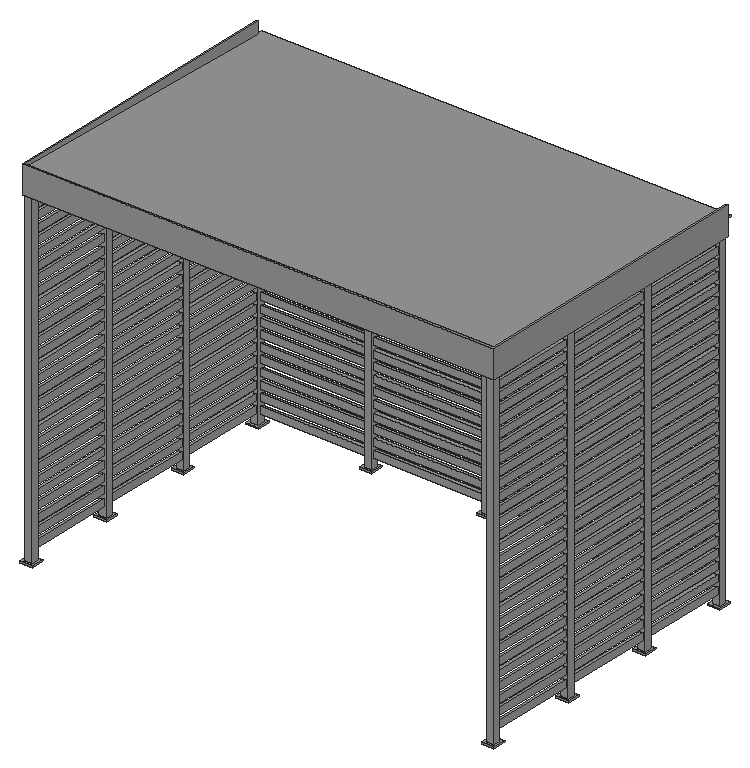
Revit family "Контейнерная площадка для ТБО «Бункер Вайд» Арт 21595", category Антураж, Revit 2018
Family settings
  На основе рабочей плоскости = Нет
  Всегда вертикально = Да
  При загрузке вырезать с полостями = Нет
  Источник визуального образа = Геометрия семейства
  Общий = Нет
  Точка расчета площади = Нет
Parameters (values of type "Версия 3,32х2,05х2,53 м (2 контейнера)")
  ширина = 2050 mm  # constant formula
  Цвет отделки = Тик
  Цвет каркаса = Сталь
  Описание = "Контейнерная площадка для ТБО «Бункер Вайд». Версия 3,32х2,05х2,53 м (2 контейнера)"  # constant formula
  Материал изделия = "Сталь, дерево"  # constant formula
  Изображение типоразмера = Контейнерная площадка для ТБО «Бункер Вайд» Арт 21595.jpg
  Изготовитель = "ООО «Хоббика»"  # constant formula
  Длина = 3320 mm  # constant formula
  Группа модели = "Контейнерные площадки для ТБО"  # constant formula
  Высота = 2530 mm  # constant formula
  Артикул товара = "Арт. 21595"  # constant formula
  URL = "https://hobbyka.ru/product/konteynernaya_ploshchadka_dlya_tbo_bunker_vayd/"
Reference planes
  plane 1 "По центру (Вперед/Назад)": y = 0
  plane 2: z = 0
  plane 3 "По центру (Влево/Вправо)": x = 0
  plane 4: y = 2050
  plane 5: x = 3320
  plane 6: z = 2530
Forms (mm)
  Extrusion 1, solid, material "Сталь" <- "Цвет каркаса"
    sketch origin (0, 0, 0) x (1, 0, 0) y (0, 1, 0)
      loop
        line (0, 2050) -> (0, 2000) -> (50, 2000) -> (50, 2050) -> (0, 2050)
      loop
        line (0, 50) -> (0, 0) -> (50, 0) -> (50, 50) -> (0, 50)
      loop
        line (0, 1391.667) -> (0, 1341.667) -> (50, 1341.667) -> (50, 1391.667) -> (0, 1391.667)
      loop
        line (3270, 2050) -> (3270, 2000) -> (3320, 2000) -> (3320, 2050) -> (3270, 2050)
      loop
        line (3270, 50) -> (3270, 0) -> (3320, 0) -> (3320, 50) -> (3270, 50)
      loop
        line (805, 2050) -> (805, 2000) -> (855, 2000) -> (855, 2050) -> (805, 2050)
      loop
        line (1635, 2050) -> (1635, 2000) -> (1685, 2000) -> (1685, 2050) -> (1635, 2050)
      loop
        line (2465, 2050) -> (2465, 2000) -> (2515, 2000) -> (2515, 2050) -> (2465, 2050)
      loop
        line (0, 708.333) -> (0, 658.333) -> (50, 658.333) -> (50, 708.333) -> (0, 708.333)
      loop
        line (3270, 1391.667) -> (3270, 1341.667) -> (3320, 1341.667) -> (3320, 1391.667) -> (3270, 1391.667)
      loop
        line (3270, 708.333) -> (3270, 658.333) -> (3320, 658.333) -> (3320, 708.333) -> (3270, 708.333)
    from 0 to 2509.995
  Extrusion 2, solid, material "Сталь" <- "Цвет каркаса"
    sketch origin (0, 0, 0) x (1, 0, 0) y (0, 1, 0)
      loop
        line (-10, 2060) -> (-10, -10) -> (3330, -10) -> (3330, 2060) -> (3320, 2060) -> (3320, 0) -> (0, 0) -> (0, 2060) -> (-10, 2060)
    from 2330 to 2530
  Extrusion 3, solid, material "Сталь" <- "Цвет каркаса"
    sketch origin (0, 0, 0) x (0, 1, 0) y (0, 0, 1)
      loop
        line (0.3, 2499.991) -> (2100, 2436.898) -> (2100, 2446.902) -> (0.3, 2509.995) -> (0.3, 2499.991)
    from 0 to 3320
  Extrusion 4, solid, material "Сталь" <- "Цвет каркаса"
    sketch origin (0, 0, 0) x (1, 0, 0) y (0, 1, 0)
      loop
        line (50, 2000) -> (50, 2050) -> (0, 2050) -> (0, 2000) -> (50, 2000)
      loop
        line (-20, 2070) -> (-20, 1980) -> (70, 1980) -> (70, 2070) -> (-20, 2070)
      loop
        line (855, 2000) -> (855, 2050) -> (805, 2050) -> (805, 2000) -> (855, 2000)
      loop
        line (785, 2070) -> (785, 1980) -> (875, 1980) -> (875, 2070) -> (785, 2070)
      loop
        line (1685, 2000) -> (1685, 2050) -> (1635, 2050) -> (1635, 2000) -> (1685, 2000)
      loop
        line (1615, 2070) -> (1615, 1980) -> (1705, 1980) -> (1705, 2070) -> (1615, 2070)
      loop
        line (2515, 2000) -> (2515, 2050) -> (2465, 2050) -> (2465, 2000) -> (2515, 2000)
      loop
        line (2445, 2070) -> (2445, 1980) -> (2535, 1980) -> (2535, 2070) -> (2445, 2070)
      loop
        line (3320, 2000) -> (3320, 2050) -> (3270, 2050) -> (3270, 2000) -> (3320, 2000)
      loop
        line (3250, 2070) -> (3250, 1980) -> (3340, 1980) -> (3340, 2070) -> (3250, 2070)
      loop
        line (3320, 1341.667) -> (3320, 1391.667) -> (3270, 1391.667) -> (3270, 1341.667) -> (3320, 1341.667)
      loop
        line (3250, 1411.667) -> (3250, 1321.667) -> (3340, 1321.667) -> (3340, 1411.667) -> (3250, 1411.667)
      loop
        line (3320, 0) -> (3320, 50) -> (3270, 50) -> (3270, 0) -> (3320, 0)
      loop
        line (3250, 70) -> (3250, -20) -> (3340, -20) -> (3340, 70) -> (3250, 70)
      loop
        line (50, 0) -> (50, 50) -> (0, 50) -> (0, 0) -> (50, 0)
      loop
        line (-20, 70) -> (-20, -20) -> (70, -20) -> (70, 70) -> (-20, 70)
      loop
        line (50, 1341.667) -> (50, 1391.667) -> (0, 1391.667) -> (0, 1341.667) -> (50, 1341.667)
      loop
        line (-20, 1411.667) -> (-20, 1321.667) -> (70, 1321.667) -> (70, 1411.667) -> (-20, 1411.667)
      loop
        line (3320, 658.333) -> (3320, 708.333) -> (3270, 708.333) -> (3270, 658.333) -> (3320, 658.333)
      loop
        line (3250, 728.333) -> (3250, 638.333) -> (3340, 638.333) -> (3340, 728.333) -> (3250, 728.333)
      loop
        line (50, 658.333) -> (50, 708.333) -> (0, 708.333) -> (0, 658.333) -> (50, 658.333)
      loop
        line (-20, 728.333) -> (-20, 638.333) -> (70, 638.333) -> (70, 728.333) -> (-20, 728.333)
    from 0 to 10
  Extrusion 5, void
    sketch origin (0, 0, 0) x (0, 1, 0) y (0, 0, 1)
      loop
        line (0.3, 2605.042) -> (0.3, 2499.991) -> (2050, 2438.4) -> (2050, 2543.451) -> (0.3, 2605.042)
    from 0 to 3320
  Extrusion 6, solid, material "Тик" <- "Цвет отделки"
    sketch origin (0, 0, 0) x (0, 1, 0) y (0, 0, 1)
      loop
        line (2000, 125) -> (1391.667, 125) -> (1391.667, 75) -> (2000, 75) -> (2000, 125)
      loop
        line (2000, 205) -> (1391.667, 205) -> (1391.667, 155) -> (2000, 155) -> (2000, 205)
      loop
        line (2000, 285) -> (1391.667, 285) -> (1391.667, 235) -> (2000, 235) -> (2000, 285)
      loop
        line (2000, 365) -> (1391.667, 365) -> (1391.667, 315) -> (2000, 315) -> (2000, 365)
      loop
        line (2000, 445) -> (1391.667, 445) -> (1391.667, 395) -> (2000, 395) -> (2000, 445)
      loop
        line (2000, 525) -> (1391.667, 525) -> (1391.667, 475) -> (2000, 475) -> (2000, 525)
      loop
        line (2000, 605) -> (1391.667, 605) -> (1391.667, 555) -> (2000, 555) -> (2000, 605)
      loop
        line (2000, 685) -> (1391.667, 685) -> (1391.667, 635) -> (2000, 635) -> (2000, 685)
      loop
        line (2000, 765) -> (1391.667, 765) -> (1391.667, 715) -> (2000, 715) -> (2000, 765)
      loop
        line (2000, 845) -> (1391.667, 845) -> (1391.667, 795) -> (2000, 795) -> (2000, 845)
      loop
        line (2000, 925) -> (1391.667, 925) -> (1391.667, 875) -> (2000, 875) -> (2000, 925)
      loop
        line (2000, 1005) -> (1391.667, 1005) -> (1391.667, 955) -> (2000, 955) -> (2000, 1005)
      loop
        line (2000, 1085) -> (1391.667, 1085) -> (1391.667, 1035) -> (2000, 1035) -> (2000, 1085)
      loop
        line (2000, 1165) -> (1391.667, 1165) -> (1391.667, 1115) -> (2000, 1115) -> (2000, 1165)
      loop
        line (2000, 1245) -> (1391.667, 1245) -> (1391.667, 1195) -> (2000, 1195) -> (2000, 1245)
      loop
        line (2000, 1325) -> (1391.667, 1325) -> (1391.667, 1275) -> (2000, 1275) -> (2000, 1325)
      loop
        line (2000, 1405) -> (1391.667, 1405) -> (1391.667, 1355) -> (2000, 1355) -> (2000, 1405)
      loop
        line (2000, 1485) -> (1391.667, 1485) -> (1391.667, 1435) -> (2000, 1435) -> (2000, 1485)
      loop
        line (2000, 1565) -> (1391.667, 1565) -> (1391.667, 1515) -> (2000, 1515) -> (2000, 1565)
      loop
        line (2000, 1645) -> (1391.667, 1645) -> (1391.667, 1595) -> (2000, 1595) -> (2000, 1645)
      loop
        line (2000, 1725) -> (1391.667, 1725) -> (1391.667, 1675) -> (2000, 1675) -> (2000, 1725)
      loop
        line (2000, 1805) -> (1391.667, 1805) -> (1391.667, 1755) -> (2000, 1755) -> (2000, 1805)
      loop
        line (2000, 1885) -> (1391.667, 1885) -> (1391.667, 1835) -> (2000, 1835) -> (2000, 1885)
      loop
        line (2000, 1965) -> (1391.667, 1965) -> (1391.667, 1915) -> (2000, 1915) -> (2000, 1965)
      loop
        line (2000, 2045) -> (1391.667, 2045) -> (1391.667, 1995) -> (2000, 1995) -> (2000, 2045)
      loop
        line (2000, 2125) -> (1391.667, 2125) -> (1391.667, 2075) -> (2000, 2075) -> (2000, 2125)
      loop
        line (2000, 2205) -> (1391.667, 2205) -> (1391.667, 2155) -> (2000, 2155) -> (2000, 2205)
      loop
        line (2000, 2285) -> (1391.667, 2285) -> (1391.667, 2235) -> (2000, 2235) -> (2000, 2285)
      loop
        line (1341.667, 125) -> (708.333, 125) -> (708.333, 75) -> (1341.667, 75) -> (1341.667, 125)
      loop
        line (1341.667, 205) -> (708.333, 205) -> (708.333, 155) -> (1341.667, 155) -> (1341.667, 205)
      loop
        line (1341.667, 285) -> (708.333, 285) -> (708.333, 235) -> (1341.667, 235) -> (1341.667, 285)
      loop
        line (1341.667, 365) -> (708.333, 365) -> (708.333, 315) -> (1341.667, 315) -> (1341.667, 365)
      loop
        line (1341.667, 445) -> (708.333, 445) -> (708.333, 395) -> (1341.667, 395) -> (1341.667, 445)
      loop
        line (1341.667, 525) -> (708.333, 525) -> (708.333, 475) -> (1341.667, 475) -> (1341.667, 525)
      loop
        line (1341.667, 605) -> (708.333, 605) -> (708.333, 555) -> (1341.667, 555) -> (1341.667, 605)
      loop
        line (1341.667, 685) -> (708.333, 685) -> (708.333, 635) -> (1341.667, 635) -> (1341.667, 685)
      loop
        line (1341.667, 765) -> (708.333, 765) -> (708.333, 715) -> (1341.667, 715) -> (1341.667, 765)
      loop
        line (1341.667, 845) -> (708.333, 845) -> (708.333, 795) -> (1341.667, 795) -> (1341.667, 845)
      loop
        line (1341.667, 925) -> (708.333, 925) -> (708.333, 875) -> (1341.667, 875) -> (1341.667, 925)
      loop
        line (1341.667, 1005) -> (708.333, 1005) -> (708.333, 955) -> (1341.667, 955) -> (1341.667, 1005)
      loop
        line (1341.667, 1085) -> (708.333, 1085) -> (708.333, 1035) -> (1341.667, 1035) -> (1341.667, 1085)
      loop
        line (1341.667, 1165) -> (708.333, 1165) -> (708.333, 1115) -> (1341.667, 1115) -> (1341.667, 1165)
      loop
        line (1341.667, 1245) -> (708.333, 1245) -> (708.333, 1195) -> (1341.667, 1195) -> (1341.667, 1245)
      loop
        line (1341.667, 1325) -> (708.333, 1325) -> (708.333, 1275) -> (1341.667, 1275) -> (1341.667, 1325)
      loop
        line (1341.667, 1405) -> (708.333, 1405) -> (708.333, 1355) -> (1341.667, 1355) -> (1341.667, 1405)
      loop
        line (1341.667, 1485) -> (708.333, 1485) -> (708.333, 1435) -> (1341.667, 1435) -> (1341.667, 1485)
      loop
        line (1341.667, 1565) -> (708.333, 1565) -> (708.333, 1515) -> (1341.667, 1515) -> (1341.667, 1565)
      loop
        line (1341.667, 1645) -> (708.333, 1645) -> (708.333, 1595) -> (1341.667, 1595) -> (1341.667, 1645)
      loop
        line (1341.667, 1725) -> (708.333, 1725) -> (708.333, 1675) -> (1341.667, 1675) -> (1341.667, 1725)
      loop
        line (1341.667, 1805) -> (708.333, 1805) -> (708.333, 1755) -> (1341.667, 1755) -> (1341.667, 1805)
      loop
        line (1341.667, 1885) -> (708.333, 1885) -> (708.333, 1835) -> (1341.667, 1835) -> (1341.667, 1885)
      loop
        line (1341.667, 1965) -> (708.333, 1965) -> (708.333, 1915) -> (1341.667, 1915) -> (1341.667, 1965)
      loop
        line (1341.667, 2045) -> (708.333, 2045) -> (708.333, 1995) -> (1341.667, 1995) -> (1341.667, 2045)
      loop
        line (1341.667, 2125) -> (708.333, 2125) -> (708.333, 2075) -> (1341.667, 2075) -> (1341.667, 2125)
      loop
        line (1341.667, 2205) -> (708.333, 2205) -> (708.333, 2155) -> (1341.667, 2155) -> (1341.667, 2205)
      loop
        line (1341.667, 2285) -> (708.333, 2285) -> (708.333, 2235) -> (1341.667, 2235) -> (1341.667, 2285)
      loop
        line (658.333, 125) -> (50, 125) -> (50, 75) -> (658.333, 75) -> (658.333, 125)
      loop
        line (658.333, 205) -> (50, 205) -> (50, 155) -> (658.333, 155) -> (658.333, 205)
      loop
        line (658.333, 285) -> (50, 285) -> (50, 235) -> (658.333, 235) -> (658.333, 285)
      loop
        line (658.333, 365) -> (50, 365) -> (50, 315) -> (658.333, 315) -> (658.333, 365)
      loop
        line (658.333, 445) -> (50, 445) -> (50, 395) -> (658.333, 395) -> (658.333, 445)
      loop
        line (658.333, 525) -> (50, 525) -> (50, 475) -> (658.333, 475) -> (658.333, 525)
      loop
        line (658.333, 605) -> (50, 605) -> (50, 555) -> (658.333, 555) -> (658.333, 605)
      loop
        line (658.333, 685) -> (50, 685) -> (50, 635) -> (658.333, 635) -> (658.333, 685)
      loop
        line (658.333, 765) -> (50, 765) -> (50, 715) -> (658.333, 715) -> (658.333, 765)
      loop
        line (658.333, 845) -> (50, 845) -> (50, 795) -> (658.333, 795) -> (658.333, 845)
      loop
        line (658.333, 925) -> (50, 925) -> (50, 875) -> (658.333, 875) -> (658.333, 925)
      loop
        line (658.333, 1005) -> (50, 1005) -> (50, 955) -> (658.333, 955) -> (658.333, 1005)
      loop
        line (658.333, 1085) -> (50, 1085) -> (50, 1035) -> (658.333, 1035) -> (658.333, 1085)
      loop
        line (658.333, 1165) -> (50, 1165) -> (50, 1115) -> (658.333, 1115) -> (658.333, 1165)
      loop
        line (658.333, 1245) -> (50, 1245) -> (50, 1195) -> (658.333, 1195) -> (658.333, 1245)
      loop
        line (658.333, 1325) -> (50, 1325) -> (50, 1275) -> (658.333, 1275) -> (658.333, 1325)
      loop
        line (658.333, 1405) -> (50, 1405) -> (50, 1355) -> (658.333, 1355) -> (658.333, 1405)
      loop
        line (658.333, 1485) -> (50, 1485) -> (50, 1435) -> (658.333, 1435) -> (658.333, 1485)
      loop
        line (658.333, 1565) -> (50, 1565) -> (50, 1515) -> (658.333, 1515) -> (658.333, 1565)
      loop
        line (658.333, 1645) -> (50, 1645) -> (50, 1595) -> (658.333, 1595) -> (658.333, 1645)
      loop
        line (658.333, 1725) -> (50, 1725) -> (50, 1675) -> (658.333, 1675) -> (658.333, 1725)
      loop
        line (658.333, 1805) -> (50, 1805) -> (50, 1755) -> (658.333, 1755) -> (658.333, 1805)
      loop
        line (658.333, 1885) -> (50, 1885) -> (50, 1835) -> (658.333, 1835) -> (658.333, 1885)
      loop
        line (658.333, 1965) -> (50, 1965) -> (50, 1915) -> (658.333, 1915) -> (658.333, 1965)
      loop
        line (658.333, 2045) -> (50, 2045) -> (50, 1995) -> (658.333, 1995) -> (658.333, 2045)
      loop
        line (658.333, 2125) -> (50, 2125) -> (50, 2075) -> (658.333, 2075) -> (658.333, 2125)
      loop
        line (658.333, 2205) -> (50, 2205) -> (50, 2155) -> (658.333, 2155) -> (658.333, 2205)
      loop
        line (658.333, 2285) -> (50, 2285) -> (50, 2235) -> (658.333, 2235) -> (658.333, 2285)
    from 15 to 35
  Extrusion 7, solid, material "Тик" <- "Цвет отделки"
    sketch origin (0, 0, 0) x (0, 1, 0) y (0, 0, 1)
      loop
        line (2000, 125) -> (1391.667, 125) -> (1391.667, 75) -> (2000, 75) -> (2000, 125)
      loop
        line (2000, 205) -> (1391.667, 205) -> (1391.667, 155) -> (2000, 155) -> (2000, 205)
      loop
        line (2000, 285) -> (1391.667, 285) -> (1391.667, 235) -> (2000, 235) -> (2000, 285)
      loop
        line (2000, 365) -> (1391.667, 365) -> (1391.667, 315) -> (2000, 315) -> (2000, 365)
      loop
        line (2000, 445) -> (1391.667, 445) -> (1391.667, 395) -> (2000, 395) -> (2000, 445)
      loop
        line (2000, 525) -> (1391.667, 525) -> (1391.667, 475) -> (2000, 475) -> (2000, 525)
      loop
        line (2000, 605) -> (1391.667, 605) -> (1391.667, 555) -> (2000, 555) -> (2000, 605)
      loop
        line (2000, 685) -> (1391.667, 685) -> (1391.667, 635) -> (2000, 635) -> (2000, 685)
      loop
        line (2000, 765) -> (1391.667, 765) -> (1391.667, 715) -> (2000, 715) -> (2000, 765)
      loop
        line (2000, 845) -> (1391.667, 845) -> (1391.667, 795) -> (2000, 795) -> (2000, 845)
      loop
        line (2000, 925) -> (1391.667, 925) -> (1391.667, 875) -> (2000, 875) -> (2000, 925)
      loop
        line (2000, 1005) -> (1391.667, 1005) -> (1391.667, 955) -> (2000, 955) -> (2000, 1005)
      loop
        line (2000, 1085) -> (1391.667, 1085) -> (1391.667, 1035) -> (2000, 1035) -> (2000, 1085)
      loop
        line (2000, 1165) -> (1391.667, 1165) -> (1391.667, 1115) -> (2000, 1115) -> (2000, 1165)
      loop
        line (2000, 1245) -> (1391.667, 1245) -> (1391.667, 1195) -> (2000, 1195) -> (2000, 1245)
      loop
        line (2000, 1325) -> (1391.667, 1325) -> (1391.667, 1275) -> (2000, 1275) -> (2000, 1325)
      loop
        line (2000, 1405) -> (1391.667, 1405) -> (1391.667, 1355) -> (2000, 1355) -> (2000, 1405)
      loop
        line (2000, 1485) -> (1391.667, 1485) -> (1391.667, 1435) -> (2000, 1435) -> (2000, 1485)
      loop
        line (2000, 1565) -> (1391.667, 1565) -> (1391.667, 1515) -> (2000, 1515) -> (2000, 1565)
      loop
        line (2000, 1645) -> (1391.667, 1645) -> (1391.667, 1595) -> (2000, 1595) -> (2000, 1645)
      loop
        line (2000, 1725) -> (1391.667, 1725) -> (1391.667, 1675) -> (2000, 1675) -> (2000, 1725)
      loop
        line (2000, 1805) -> (1391.667, 1805) -> (1391.667, 1755) -> (2000, 1755) -> (2000, 1805)
      loop
        line (2000, 1885) -> (1391.667, 1885) -> (1391.667, 1835) -> (2000, 1835) -> (2000, 1885)
      loop
        line (2000, 1965) -> (1391.667, 1965) -> (1391.667, 1915) -> (2000, 1915) -> (2000, 1965)
      loop
        line (2000, 2045) -> (1391.667, 2045) -> (1391.667, 1995) -> (2000, 1995) -> (2000, 2045)
      loop
        line (2000, 2125) -> (1391.667, 2125) -> (1391.667, 2075) -> (2000, 2075) -> (2000, 2125)
      loop
        line (2000, 2205) -> (1391.667, 2205) -> (1391.667, 2155) -> (2000, 2155) -> (2000, 2205)
      loop
        line (2000, 2285) -> (1391.667, 2285) -> (1391.667, 2235) -> (2000, 2235) -> (2000, 2285)
      loop
        line (1341.667, 125) -> (708.333, 125) -> (708.333, 75) -> (1341.667, 75) -> (1341.667, 125)
      loop
        line (1341.667, 205) -> (708.333, 205) -> (708.333, 155) -> (1341.667, 155) -> (1341.667, 205)
      loop
        line (1341.667, 285) -> (708.333, 285) -> (708.333, 235) -> (1341.667, 235) -> (1341.667, 285)
      loop
        line (1341.667, 365) -> (708.333, 365) -> (708.333, 315) -> (1341.667, 315) -> (1341.667, 365)
      loop
        line (1341.667, 445) -> (708.333, 445) -> (708.333, 395) -> (1341.667, 395) -> (1341.667, 445)
      loop
        line (1341.667, 525) -> (708.333, 525) -> (708.333, 475) -> (1341.667, 475) -> (1341.667, 525)
      loop
        line (1341.667, 605) -> (708.333, 605) -> (708.333, 555) -> (1341.667, 555) -> (1341.667, 605)
      loop
        line (1341.667, 685) -> (708.333, 685) -> (708.333, 635) -> (1341.667, 635) -> (1341.667, 685)
      loop
        line (1341.667, 765) -> (708.333, 765) -> (708.333, 715) -> (1341.667, 715) -> (1341.667, 765)
      loop
        line (1341.667, 845) -> (708.333, 845) -> (708.333, 795) -> (1341.667, 795) -> (1341.667, 845)
      loop
        line (1341.667, 925) -> (708.333, 925) -> (708.333, 875) -> (1341.667, 875) -> (1341.667, 925)
      loop
        line (1341.667, 1005) -> (708.333, 1005) -> (708.333, 955) -> (1341.667, 955) -> (1341.667, 1005)
      loop
        line (1341.667, 1085) -> (708.333, 1085) -> (708.333, 1035) -> (1341.667, 1035) -> (1341.667, 1085)
      loop
        line (1341.667, 1165) -> (708.333, 1165) -> (708.333, 1115) -> (1341.667, 1115) -> (1341.667, 1165)
      loop
        line (1341.667, 1245) -> (708.333, 1245) -> (708.333, 1195) -> (1341.667, 1195) -> (1341.667, 1245)
      loop
        line (1341.667, 1325) -> (708.333, 1325) -> (708.333, 1275) -> (1341.667, 1275) -> (1341.667, 1325)
      loop
        line (1341.667, 1405) -> (708.333, 1405) -> (708.333, 1355) -> (1341.667, 1355) -> (1341.667, 1405)
      loop
        line (1341.667, 1485) -> (708.333, 1485) -> (708.333, 1435) -> (1341.667, 1435) -> (1341.667, 1485)
      loop
        line (1341.667, 1565) -> (708.333, 1565) -> (708.333, 1515) -> (1341.667, 1515) -> (1341.667, 1565)
      loop
        line (1341.667, 1645) -> (708.333, 1645) -> (708.333, 1595) -> (1341.667, 1595) -> (1341.667, 1645)
      loop
        line (1341.667, 1725) -> (708.333, 1725) -> (708.333, 1675) -> (1341.667, 1675) -> (1341.667, 1725)
      loop
        line (1341.667, 1805) -> (708.333, 1805) -> (708.333, 1755) -> (1341.667, 1755) -> (1341.667, 1805)
      loop
        line (1341.667, 1885) -> (708.333, 1885) -> (708.333, 1835) -> (1341.667, 1835) -> (1341.667, 1885)
      loop
        line (1341.667, 1965) -> (708.333, 1965) -> (708.333, 1915) -> (1341.667, 1915) -> (1341.667, 1965)
      loop
        line (1341.667, 2045) -> (708.333, 2045) -> (708.333, 1995) -> (1341.667, 1995) -> (1341.667, 2045)
      loop
        line (1341.667, 2125) -> (708.333, 2125) -> (708.333, 2075) -> (1341.667, 2075) -> (1341.667, 2125)
      loop
        line (1341.667, 2205) -> (708.333, 2205) -> (708.333, 2155) -> (1341.667, 2155) -> (1341.667, 2205)
      loop
        line (1341.667, 2285) -> (708.333, 2285) -> (708.333, 2235) -> (1341.667, 2235) -> (1341.667, 2285)
      loop
        line (658.333, 125) -> (50, 125) -> (50, 75) -> (658.333, 75) -> (658.333, 125)
      loop
        line (658.333, 205) -> (50, 205) -> (50, 155) -> (658.333, 155) -> (658.333, 205)
      loop
        line (658.333, 285) -> (50, 285) -> (50, 235) -> (658.333, 235) -> (658.333, 285)
      loop
        line (658.333, 365) -> (50, 365) -> (50, 315) -> (658.333, 315) -> (658.333, 365)
      loop
        line (658.333, 445) -> (50, 445) -> (50, 395) -> (658.333, 395) -> (658.333, 445)
      loop
        line (658.333, 525) -> (50, 525) -> (50, 475) -> (658.333, 475) -> (658.333, 525)
      loop
        line (658.333, 605) -> (50, 605) -> (50, 555) -> (658.333, 555) -> (658.333, 605)
      loop
        line (658.333, 685) -> (50, 685) -> (50, 635) -> (658.333, 635) -> (658.333, 685)
      loop
        line (658.333, 765) -> (50, 765) -> (50, 715) -> (658.333, 715) -> (658.333, 765)
      loop
        line (658.333, 845) -> (50, 845) -> (50, 795) -> (658.333, 795) -> (658.333, 845)
      loop
        line (658.333, 925) -> (50, 925) -> (50, 875) -> (658.333, 875) -> (658.333, 925)
      loop
        line (658.333, 1005) -> (50, 1005) -> (50, 955) -> (658.333, 955) -> (658.333, 1005)
      loop
        line (658.333, 1085) -> (50, 1085) -> (50, 1035) -> (658.333, 1035) -> (658.333, 1085)
      loop
        line (658.333, 1165) -> (50, 1165) -> (50, 1115) -> (658.333, 1115) -> (658.333, 1165)
      loop
        line (658.333, 1245) -> (50, 1245) -> (50, 1195) -> (658.333, 1195) -> (658.333, 1245)
      loop
        line (658.333, 1325) -> (50, 1325) -> (50, 1275) -> (658.333, 1275) -> (658.333, 1325)
      loop
        line (658.333, 1405) -> (50, 1405) -> (50, 1355) -> (658.333, 1355) -> (658.333, 1405)
      loop
        line (658.333, 1485) -> (50, 1485) -> (50, 1435) -> (658.333, 1435) -> (658.333, 1485)
      loop
        line (658.333, 1565) -> (50, 1565) -> (50, 1515) -> (658.333, 1515) -> (658.333, 1565)
      loop
        line (658.333, 1645) -> (50, 1645) -> (50, 1595) -> (658.333, 1595) -> (658.333, 1645)
      loop
        line (658.333, 1725) -> (50, 1725) -> (50, 1675) -> (658.333, 1675) -> (658.333, 1725)
      loop
        line (658.333, 1805) -> (50, 1805) -> (50, 1755) -> (658.333, 1755) -> (658.333, 1805)
      loop
        line (658.333, 1885) -> (50, 1885) -> (50, 1835) -> (658.333, 1835) -> (658.333, 1885)
      loop
        line (658.333, 1965) -> (50, 1965) -> (50, 1915) -> (658.333, 1915) -> (658.333, 1965)
      loop
        line (658.333, 2045) -> (50, 2045) -> (50, 1995) -> (658.333, 1995) -> (658.333, 2045)
      loop
        line (658.333, 2125) -> (50, 2125) -> (50, 2075) -> (658.333, 2075) -> (658.333, 2125)
      loop
        line (658.333, 2205) -> (50, 2205) -> (50, 2155) -> (658.333, 2155) -> (658.333, 2205)
      loop
        line (658.333, 2285) -> (50, 2285) -> (50, 2235) -> (658.333, 2235) -> (658.333, 2285)
    from 3285 to 3305
  Extrusion 8, solid, material "Тик" <- "Цвет отделки"
    sketch origin (2050, -232.467, 0) x (-1, 0, 0) y (0, 0, 1)
      loop
        line (2000, 125) -> (1245, 125) -> (1245, 75) -> (2000, 75) -> (2000, 125)
      loop
        line (2000, 205) -> (1245, 205) -> (1245, 155) -> (2000, 155) -> (2000, 205)
      loop
        line (2000, 285) -> (1245, 285) -> (1245, 235) -> (2000, 235) -> (2000, 285)
      loop
        line (2000, 365) -> (1245, 365) -> (1245, 315) -> (2000, 315) -> (2000, 365)
      loop
        line (2000, 445) -> (1245, 445) -> (1245, 395) -> (2000, 395) -> (2000, 445)
      loop
        line (2000, 525) -> (1245, 525) -> (1245, 475) -> (2000, 475) -> (2000, 525)
      loop
        line (2000, 605) -> (1245, 605) -> (1245, 555) -> (2000, 555) -> (2000, 605)
      loop
        line (2000, 685) -> (1245, 685) -> (1245, 635) -> (2000, 635) -> (2000, 685)
      loop
        line (2000, 765) -> (1245, 765) -> (1245, 715) -> (2000, 715) -> (2000, 765)
      loop
        line (2000, 845) -> (1245, 845) -> (1245, 795) -> (2000, 795) -> (2000, 845)
      loop
        line (2000, 925) -> (1245, 925) -> (1245, 875) -> (2000, 875) -> (2000, 925)
      loop
        line (2000, 1005) -> (1245, 1005) -> (1245, 955) -> (2000, 955) -> (2000, 1005)
      loop
        line (2000, 1085) -> (1245, 1085) -> (1245, 1035) -> (2000, 1035) -> (2000, 1085)
      loop
        line (2000, 1165) -> (1245, 1165) -> (1245, 1115) -> (2000, 1115) -> (2000, 1165)
      loop
        line (2000, 1245) -> (1245, 1245) -> (1245, 1195) -> (2000, 1195) -> (2000, 1245)
      loop
        line (2000, 1325) -> (1245, 1325) -> (1245, 1275) -> (2000, 1275) -> (2000, 1325)
      loop
        line (2000, 1405) -> (1245, 1405) -> (1245, 1355) -> (2000, 1355) -> (2000, 1405)
      loop
        line (2000, 1485) -> (1245, 1485) -> (1245, 1435) -> (2000, 1435) -> (2000, 1485)
      loop
        line (2000, 1565) -> (1245, 1565) -> (1245, 1515) -> (2000, 1515) -> (2000, 1565)
      loop
        line (2000, 1645) -> (1245, 1645) -> (1245, 1595) -> (2000, 1595) -> (2000, 1645)
      loop
        line (2000, 1725) -> (1245, 1725) -> (1245, 1675) -> (2000, 1675) -> (2000, 1725)
      loop
        line (2000, 1805) -> (1245, 1805) -> (1245, 1755) -> (2000, 1755) -> (2000, 1805)
      loop
        line (2000, 1885) -> (1245, 1885) -> (1245, 1835) -> (2000, 1835) -> (2000, 1885)
      loop
        line (2000, 1965) -> (1245, 1965) -> (1245, 1915) -> (2000, 1915) -> (2000, 1965)
      loop
        line (2000, 2045) -> (1245, 2045) -> (1245, 1995) -> (2000, 1995) -> (2000, 2045)
      loop
        line (2000, 2125) -> (1245, 2125) -> (1245, 2075) -> (2000, 2075) -> (2000, 2125)
      loop
        line (2000, 2205) -> (1245, 2205) -> (1245, 2155) -> (2000, 2155) -> (2000, 2205)
      loop
        line (2000, 2285) -> (1245, 2285) -> (1245, 2235) -> (2000, 2235) -> (2000, 2285)
      loop
        line (365, 125) -> (-415, 125) -> (-415, 75) -> (365, 75) -> (365, 125)
      loop
        line (365, 205) -> (-415, 205) -> (-415, 155) -> (365, 155) -> (365, 205)
      loop
        line (365, 285) -> (-415, 285) -> (-415, 235) -> (365, 235) -> (365, 285)
      loop
        line (365, 365) -> (-415, 365) -> (-415, 315) -> (365, 315) -> (365, 365)
      loop
        line (365, 445) -> (-415, 445) -> (-415, 395) -> (365, 395) -> (365, 445)
      loop
        line (365, 525) -> (-415, 525) -> (-415, 475) -> (365, 475) -> (365, 525)
      loop
        line (365, 605) -> (-415, 605) -> (-415, 555) -> (365, 555) -> (365, 605)
      loop
        line (365, 685) -> (-415, 685) -> (-415, 635) -> (365, 635) -> (365, 685)
      loop
        line (365, 765) -> (-415, 765) -> (-415, 715) -> (365, 715) -> (365, 765)
      loop
        line (365, 845) -> (-415, 845) -> (-415, 795) -> (365, 795) -> (365, 845)
      loop
        line (365, 925) -> (-415, 925) -> (-415, 875) -> (365, 875) -> (365, 925)
      loop
        line (365, 1005) -> (-415, 1005) -> (-415, 955) -> (365, 955) -> (365, 1005)
      loop
        line (365, 1085) -> (-415, 1085) -> (-415, 1035) -> (365, 1035) -> (365, 1085)
      loop
        line (365, 1165) -> (-415, 1165) -> (-415, 1115) -> (365, 1115) -> (365, 1165)
      loop
        line (365, 1245) -> (-415, 1245) -> (-415, 1195) -> (365, 1195) -> (365, 1245)
      loop
        line (365, 1325) -> (-415, 1325) -> (-415, 1275) -> (365, 1275) -> (365, 1325)
      loop
        line (365, 1405) -> (-415, 1405) -> (-415, 1355) -> (365, 1355) -> (365, 1405)
      loop
        line (365, 1485) -> (-415, 1485) -> (-415, 1435) -> (365, 1435) -> (365, 1485)
      loop
        line (365, 1565) -> (-415, 1565) -> (-415, 1515) -> (365, 1515) -> (365, 1565)
      loop
        line (365, 1645) -> (-415, 1645) -> (-415, 1595) -> (365, 1595) -> (365, 1645)
      loop
        line (365, 1725) -> (-415, 1725) -> (-415, 1675) -> (365, 1675) -> (365, 1725)
      loop
        line (365, 1805) -> (-415, 1805) -> (-415, 1755) -> (365, 1755) -> (365, 1805)
      loop
        line (365, 1885) -> (-415, 1885) -> (-415, 1835) -> (365, 1835) -> (365, 1885)
      loop
        line (365, 1965) -> (-415, 1965) -> (-415, 1915) -> (365, 1915) -> (365, 1965)
      loop
        line (365, 2045) -> (-415, 2045) -> (-415, 1995) -> (365, 1995) -> (365, 2045)
      loop
        line (365, 2125) -> (-415, 2125) -> (-415, 2075) -> (365, 2075) -> (365, 2125)
      loop
        line (365, 2205) -> (-415, 2205) -> (-415, 2155) -> (365, 2155) -> (365, 2205)
      loop
        line (365, 2285) -> (-415, 2285) -> (-415, 2235) -> (365, 2235) -> (365, 2285)
      loop
        line (1195, 125) -> (415, 125) -> (415, 75) -> (1195, 75) -> (1195, 125)
      loop
        line (1195, 205) -> (415, 205) -> (415, 155) -> (1195, 155) -> (1195, 205)
      loop
        line (1195, 285) -> (415, 285) -> (415, 235) -> (1195, 235) -> (1195, 285)
      loop
        line (1195, 365) -> (415, 365) -> (415, 315) -> (1195, 315) -> (1195, 365)
      loop
        line (1195, 445) -> (415, 445) -> (415, 395) -> (1195, 395) -> (1195, 445)
      loop
        line (1195, 525) -> (415, 525) -> (415, 475) -> (1195, 475) -> (1195, 525)
      loop
        line (1195, 605) -> (415, 605) -> (415, 555) -> (1195, 555) -> (1195, 605)
      loop
        line (1195, 685) -> (415, 685) -> (415, 635) -> (1195, 635) -> (1195, 685)
      loop
        line (1195, 765) -> (415, 765) -> (415, 715) -> (1195, 715) -> (1195, 765)
      loop
        line (1195, 845) -> (415, 845) -> (415, 795) -> (1195, 795) -> (1195, 845)
      loop
        line (1195, 925) -> (415, 925) -> (415, 875) -> (1195, 875) -> (1195, 925)
      loop
        line (1195, 1005) -> (415, 1005) -> (415, 955) -> (1195, 955) -> (1195, 1005)
      loop
        line (1195, 1085) -> (415, 1085) -> (415, 1035) -> (1195, 1035) -> (1195, 1085)
      loop
        line (1195, 1165) -> (415, 1165) -> (415, 1115) -> (1195, 1115) -> (1195, 1165)
      loop
        line (1195, 1245) -> (415, 1245) -> (415, 1195) -> (1195, 1195) -> (1195, 1245)
      loop
        line (1195, 1325) -> (415, 1325) -> (415, 1275) -> (1195, 1275) -> (1195, 1325)
      loop
        line (1195, 1405) -> (415, 1405) -> (415, 1355) -> (1195, 1355) -> (1195, 1405)
      loop
        line (1195, 1485) -> (415, 1485) -> (415, 1435) -> (1195, 1435) -> (1195, 1485)
      loop
        line (1195, 1565) -> (415, 1565) -> (415, 1515) -> (1195, 1515) -> (1195, 1565)
      loop
        line (1195, 1645) -> (415, 1645) -> (415, 1595) -> (1195, 1595) -> (1195, 1645)
      loop
        line (1195, 1725) -> (415, 1725) -> (415, 1675) -> (1195, 1675) -> (1195, 1725)
      loop
        line (1195, 1805) -> (415, 1805) -> (415, 1755) -> (1195, 1755) -> (1195, 1805)
      loop
        line (1195, 1885) -> (415, 1885) -> (415, 1835) -> (1195, 1835) -> (1195, 1885)
      loop
        line (1195, 1965) -> (415, 1965) -> (415, 1915) -> (1195, 1915) -> (1195, 1965)
      loop
        line (1195, 2045) -> (415, 2045) -> (415, 1995) -> (1195, 1995) -> (1195, 2045)
      loop
        line (1195, 2125) -> (415, 2125) -> (415, 2075) -> (1195, 2075) -> (1195, 2125)
      loop
        line (1195, 2205) -> (415, 2205) -> (415, 2155) -> (1195, 2155) -> (1195, 2205)
      loop
        line (1195, 2285) -> (415, 2285) -> (415, 2235) -> (1195, 2235) -> (1195, 2285)
      loop
        line (-465, 125) -> (-1220, 125) -> (-1220, 75) -> (-465, 75) -> (-465, 125)
      loop
        line (-465, 205) -> (-1220, 205) -> (-1220, 155) -> (-465, 155) -> (-465, 205)
      loop
        line (-465, 285) -> (-1220, 285) -> (-1220, 235) -> (-465, 235) -> (-465, 285)
      loop
        line (-465, 365) -> (-1220, 365) -> (-1220, 315) -> (-465, 315) -> (-465, 365)
      loop
        line (-465, 445) -> (-1220, 445) -> (-1220, 395) -> (-465, 395) -> (-465, 445)
      loop
        line (-465, 525) -> (-1220, 525) -> (-1220, 475) -> (-465, 475) -> (-465, 525)
      loop
        line (-465, 605) -> (-1220, 605) -> (-1220, 555) -> (-465, 555) -> (-465, 605)
      loop
        line (-465, 685) -> (-1220, 685) -> (-1220, 635) -> (-465, 635) -> (-465, 685)
      loop
        line (-465, 765) -> (-1220, 765) -> (-1220, 715) -> (-465, 715) -> (-465, 765)
      loop
        line (-465, 845) -> (-1220, 845) -> (-1220, 795) -> (-465, 795) -> (-465, 845)
      loop
        line (-465, 925) -> (-1220, 925) -> (-1220, 875) -> (-465, 875) -> (-465, 925)
      loop
        line (-465, 1005) -> (-1220, 1005) -> (-1220, 955) -> (-465, 955) -> (-465, 1005)
      loop
        line (-465, 1085) -> (-1220, 1085) -> (-1220, 1035) -> (-465, 1035) -> (-465, 1085)
      loop
        line (-465, 1165) -> (-1220, 1165) -> (-1220, 1115) -> (-465, 1115) -> (-465, 1165)
      loop
        line (-465, 1245) -> (-1220, 1245) -> (-1220, 1195) -> (-465, 1195) -> (-465, 1245)
      loop
        line (-465, 1325) -> (-1220, 1325) -> (-1220, 1275) -> (-465, 1275) -> (-465, 1325)
      loop
        line (-465, 1405) -> (-1220, 1405) -> (-1220, 1355) -> (-465, 1355) -> (-465, 1405)
      loop
        line (-465, 1485) -> (-1220, 1485) -> (-1220, 1435) -> (-465, 1435) -> (-465, 1485)
      loop
        line (-465, 1565) -> (-1220, 1565) -> (-1220, 1515) -> (-465, 1515) -> (-465, 1565)
      loop
        line (-465, 1645) -> (-1220, 1645) -> (-1220, 1595) -> (-465, 1595) -> (-465, 1645)
      loop
        line (-465, 1725) -> (-1220, 1725) -> (-1220, 1675) -> (-465, 1675) -> (-465, 1725)
      loop
        line (-465, 1805) -> (-1220, 1805) -> (-1220, 1755) -> (-465, 1755) -> (-465, 1805)
      loop
        line (-465, 1885) -> (-1220, 1885) -> (-1220, 1835) -> (-465, 1835) -> (-465, 1885)
      loop
        line (-465, 1965) -> (-1220, 1965) -> (-1220, 1915) -> (-465, 1915) -> (-465, 1965)
      loop
        line (-465, 2045) -> (-1220, 2045) -> (-1220, 1995) -> (-465, 1995) -> (-465, 2045)
      loop
        line (-465, 2125) -> (-1220, 2125) -> (-1220, 2075) -> (-465, 2075) -> (-465, 2125)
      loop
        line (-465, 2205) -> (-1220, 2205) -> (-1220, 2155) -> (-465, 2155) -> (-465, 2205)
      loop
        line (-465, 2285) -> (-1220, 2285) -> (-1220, 2235) -> (-465, 2235) -> (-465, 2285)
    from 2247.467 to 2267.467
Cuts and joins
  Extrusion 5 cuts Extrusion 2
  Extrusion 5 cuts Extrusion 1
Lines and regions (mm)
  symbolic lines
    curve 1: line (3305, 1341.667, 0) -> (3305, -238.333, 0)
    curve 2: line (3285, 658.333, 0) -> (3285, -281.667, 0)
    curve 3: line (855, 2035, 0) -> (-445, 2035, 0)
    curve 4: line (805, 2015, 0) -> (-435, 2015, 0)
Dimensions and locks
  "Длина": plane 3 "По центру (Влево/Вправо)" to plane 5
  "ширина": plane 4 to plane 1 "По центру (Вперед/Назад)"
  "Высота": plane 6 to level
  level to cut or joined group of Extrusion 2, Extrusion 5 = 2330 mm
  equal spacing: cut or joined group of Extrusion 1, Extrusion 5, curve 2, curve 1, plane 5
  equal spacing: plane 4, curve 3, curve 4, cut or joined group of Extrusion 1, Extrusion 5
  aligned and locked: level to plane 2
Automatic sketch dimensions
  Extrusion 1 sketch curve to plane 3 "По центру (Влево/Вправо)" = 0 mm  (x4)
  plane 1 "По центру (Вперед/Назад)" to Extrusion 1 sketch curve = 0 mm  (x2)
  Extrusion 1 sketch curve to plane 4 = 0 mm  (x5)
  Extrusion 1 sketch curve to plane 5 = 0 mm  (x4)
  plane 3 "По центру (Влево/Вправо)" to Extrusion 1 sketch curve = 50 mm  (x4)
  Extrusion 1 sketch curve to plane 4 = 50 mm  (x5)
  Extrusion 1 sketch curve to Extrusion 1 sketch curve = 755 mm
  Extrusion 1 sketch curve to Extrusion 1 sketch curve = 50 mm  (x10)
  Extrusion 1 sketch curve to Extrusion 1 sketch curve = 780 mm  (x2)
  Extrusion 1 sketch curve to plane 5 = 50 mm
  Extrusion 1 sketch curve to plane 1 "По центру (Вперед/Назад)" = 50 mm  (x2)
  Extrusion 1 sketch curve to Extrusion 1 sketch curve = 608.333 mm  (x2)
  Extrusion 1 sketch curve to Extrusion 1 sketch curve = 633.333 mm  (x2)
  plane 1 "По центру (Вперед/Назад)" to Extrusion 2 sketch curve = 0 mm
  Extrusion 2 sketch curve to plane 3 "По центру (Влево/Вправо)" = 0 mm
  Extrusion 2 sketch curve to plane 5 = 0 mm
  Extrusion 2 sketch curve to plane 3 "По центру (Влево/Вправо)" = 10 mm
  plane 5 to Extrusion 2 sketch curve = 10 mm
  plane 1 "По центру (Вперед/Назад)" to Extrusion 2 sketch curve = 10 mm
  plane 4 to Extrusion 2 sketch curve = 10 mm  (x2)
  Extrusion 3 sketch curve to plane 1 "По центру (Вперед/Назад)" = 0.3 mm
  plane 4 to Extrusion 3 sketch curve = 50 mm
  Extrusion 3 sketch curve to plane 6 = 93.102 mm
  Extrusion 3 sketch curve to Extrusion 3 sketch curve = 10.005 mm  (x2)
  Extrusion 3 sketch curve to plane 6 = 30.009 mm
  Extrusion 4 sketch curve to plane 3 "По центру (Влево/Вправо)" = 0 mm  (x4)
  Extrusion 4 sketch curve to plane 4 = 0 mm  (x5)
  plane 1 "По центру (Вперед/Назад)" to Extrusion 4 sketch curve = 0 mm  (x2)
  Extrusion 4 sketch curve to plane 5 = 0 mm  (x4)
  Extrusion 4 sketch curve to plane 3 "По центру (Влево/Вправо)" = 20 mm  (x4)
  plane 3 "По центру (Влево/Вправо)" to Extrusion 4 sketch curve = 50 mm  (x4)
  Extrusion 4 sketch curve to Extrusion 4 sketch curve = 20 mm  (x29)
  plane 4 to Extrusion 4 sketch curve = 20 mm  (x5)
  Extrusion 4 sketch curve to Extrusion 4 sketch curve = 715 mm
  Extrusion 4 sketch curve to Extrusion 4 sketch curve = 50 mm  (x7)
  Extrusion 4 sketch curve to Extrusion 4 sketch curve = 740 mm  (x2)
  Extrusion 4 sketch curve to plane 5 = 70 mm  (x4)
  plane 5 to Extrusion 4 sketch curve = 20 mm  (x4)
  plane 1 "По центру (Вперед/Назад)" to Extrusion 4 sketch curve = 20 mm  (x2)
  Extrusion 4 sketch curve to plane 1 "По центру (Вперед/Назад)" = 50 mm  (x2)
  Extrusion 4 sketch curve to Extrusion 4 sketch curve = 568.333 mm  (x2)
  Extrusion 4 sketch curve to Extrusion 4 sketch curve = 593.333 mm  (x2)
  Extrusion 4 sketch curve to plane 4 = 70 mm  (x5)
  Extrusion 5 sketch curve to plane 4 = 0 mm
  Extrusion 5 sketch curve to plane 1 "По центру (Вперед/Назад)" = 0.3 mm
  Extrusion 5 sketch curve to plane 6 = 91.6 mm
  Extrusion 5 sketch curve to plane 6 = 30.009 mm
  plane 6 to Extrusion 5 sketch curve = 13.451 mm
  plane 6 to Extrusion 5 sketch curve = 75.042 mm
  Extrusion 6 sketch curve to plane 1 "По центру (Вперед/Назад)" = 50 mm  (x27)
  Extrusion 6 sketch curve to Extrusion 6 sketch curve = 0 mm  (x62)
  Extrusion 6 sketch curve to Extrusion 6 sketch curve = 608.333 mm
  Extrusion 6 sketch curve to Extrusion 6 sketch curve = 50 mm  (x133)
  Extrusion 6 sketch curve to Extrusion 6 sketch curve = 633.333 mm
  Extrusion 6 sketch curve to plane 4 = 50 mm  (x28)
  level to Extrusion 6 sketch curve = 75 mm  (x3)
  Extrusion 6 sketch curve to Extrusion 6 sketch curve = 30 mm  (x81)
  Extrusion 7 sketch curve to plane 1 "По центру (Вперед/Назад)" = 50 mm  (x27)
  Extrusion 7 sketch curve to Extrusion 7 sketch curve = 0 mm  (x62)
  Extrusion 7 sketch curve to Extrusion 7 sketch curve = 608.333 mm
  Extrusion 7 sketch curve to Extrusion 7 sketch curve = 50 mm  (x133)
  Extrusion 7 sketch curve to Extrusion 7 sketch curve = 633.333 mm
  Extrusion 7 sketch curve to plane 4 = 50 mm  (x28)
  level to Extrusion 7 sketch curve = 75 mm  (x3)
  Extrusion 7 sketch curve to Extrusion 7 sketch curve = 30 mm  (x81)
  curve 3 to plane 3 "По центру (Влево/Вправо)" = 445 mm
  curve 3 to curve 4 = 10 mm
  plane 3 "По центру (Влево/Вправо)" to curve 4 = 805 mm
  curve 4 to curve 3 = 50 mm
  curve 2 to plane 5 = 35 mm
  curve 1 to plane 5 = 15 mm
  curve 1 to plane 4 = 708.333 mm
  curve 2 to plane 1 "По центру (Вперед/Назад)" = 658.333 mm
  plane 1 "По центру (Вперед/Назад)" to curve 1 = 238.333 mm
  curve 2 to curve 1 = 43.333 mm
  curve 4 to plane 4 = 35 mm
  curve 3 to plane 4 = 15 mm
  Extrusion 8 sketch curve to plane 5 = 50 mm  (x27)
  Extrusion 8 sketch curve to Extrusion 8 sketch curve = 0 mm  (x122)
  Extrusion 8 sketch curve to Extrusion 8 sketch curve = 755 mm
  Extrusion 8 sketch curve to Extrusion 8 sketch curve = 50 mm  (x157)
  Extrusion 8 sketch curve to Extrusion 8 sketch curve = 780 mm  (x2)
  plane 3 "По центру (Влево/Вправо)" to Extrusion 8 sketch curve = 50 mm  (x28)
  level to Extrusion 8 sketch curve = 75 mm  (x3)
  Extrusion 8 sketch curve to Extrusion 8 sketch curve = 30 mm  (x108)
